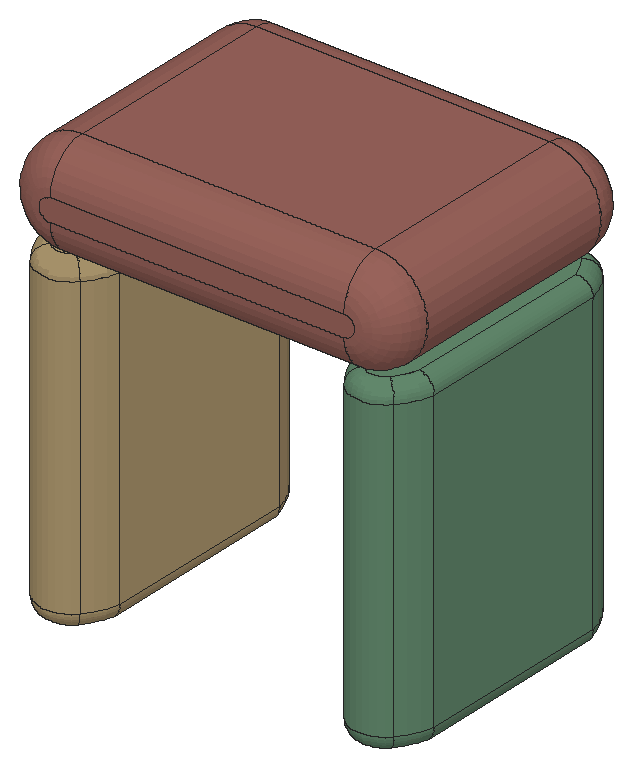
Revit family "Furniture_Chair_Pillow 1.1", category Furniture, Revit 2019
Family settings
  OmniClass Number = 23.21.23.15.17
  Work Plane-Based = Yes
  Always vertical = No
  Cut with Voids When Loaded = No
  Shared = No
  Room Calculation Point = No
Parameters (values of type "PILLOW 1.1")
  Youtube clip = ""
  Uniformat II Description = "Movable Furnishings"
  Uniformat II Code = ""
  Uniclass 2015 Name = ""
  Uniclass 2015 Code = ""
  Uniclass 2.0 Description = ""
  Uniclass 2.0 Code = ""
  Uniclass 1.4 Description = ""
  Uniclass 1.4 Code = ""
  UNSPSC Code = ""
  Pillow 3 = Fabric - Percentege AK016
  Pillow 2 = Fabric - Fraction AK003
  Pillow 1 = Fabric - Divide AK015
  Technical description = ""
  Region South America = "All"
  Region Oceania = "All"
  Region North America = "All"
  Region Middle East = "All"
  Region Europe = "All"
  Region Asia = "All"
  Region Antarctica = "All"
  Region Africa = "All"
  QR code = "https://www.sandlerseating.com/product/pillow-1-1/"
  Product url = "https://www.sandlerseating.com/product/pillow-1-1/"
  Product name = "PILLOW 1.1"
  Product group = "Chair"
  Product family = "Furniture"
  Product data url = "https://www.sandlerseating.com/product/pillow-1-1/"
  Product certification = ""
  Product SKU = "??"
  Product Guid = "??"
  OmniClass Description = ""
  OmniClass Code = "23-21 23 15 17"
  NBS Reference Description = ""
  NBS Reference Code = ""
  Model = "PILLOW 1.1"
  Masterformat 2014 Description = "Sofa Mats"
  Masterformat 2014 Code = "12 48 43.13"
  Manufacturer name = "Sandler"
  Manufacturer country = "USA"
  Manufacturer = "Sandler"
  Installation instructions = ""
  IFC Classification = "Furnishing Element"
  GTIN code = ""
  Edition number = 1
  Design country = "Brasil"
  Description = "Chair"
  Default Elevation = 0.000 mm
  Date of publishing = ""
  COBIe Type Category = ""
  Brand url = "https://www.sandlerseating.com/"
  BIMobject main category code = "furniture"
  BIMobject main category = "Furniture"
  BIMobject category code = "furniture-chair"
  BIMobject category = "Chair"
Reference planes
  plane 1 "Center Front/Back": y = 0
  plane 2: z = 0
  plane 3 "Center Left/Right": x = 0
  plane 4: x = -245
  plane 5: x = 245
  plane 6: y = -185
  plane 7: y = 185
Forms (mm)
  Extrusion 1, solid, material "Fabric - Fraction AK003" <- "Pillow 2"
    sketch origin (195.942, 306.158, 815) x (0.707107, 0.707107, 0) y (-0.707107, 0.707107, 0)
      loop
        arc (-94.231, -163.61) -> (-85.252, -144.26) -> (-80.649, -123.43) r 98.499
        arc (-80.649, -123.43) -> (-92.127, -90.795) -> (-124.762, -79.317) r 40
        arc (-124.762, -79.317) -> (-145.592, -83.92) -> (-164.942, -92.899) r 98.499
        line (-164.942, -92.899) -> (-340.074, -268.031)
        arc (-340.074, -268.031) -> (-349.054, -287.382) -> (-353.657, -308.211) r 98.499
        arc (-353.657, -308.211) -> (-342.178, -340.846) -> (-309.543, -352.325) r 40
        arc (-309.543, -352.325) -> (-288.714, -347.722) -> (-269.363, -338.742) r 98.499
        line (-269.363, -338.742) -> (-94.231, -163.61)
    from -815 to -405
  Sweep 2, void
    path in 3D
      loop
        arc (245, 123.837, 410) -> (237.667, 143.869, 410) -> (226.193, 161.853, 410) r 98.499
        arc (226.193, 161.853, 410) -> (195, 176.813, 410) -> (163.807, 161.853, 410) r 40
        arc (163.807, 161.853, 410) -> (152.333, 143.869, 410) -> (145, 123.837, 410) r 98.499
        line (145, 123.837, 410) -> (145, -123.837, 410)
        arc (145, -123.837, 410) -> (152.333, -143.869, 410) -> (163.807, -161.853, 410) r 98.499
        arc (163.807, -161.853, 410) -> (195, -176.813, 410) -> (226.193, -161.853, 410) r 40
        arc (226.193, -161.853, 410) -> (237.667, -143.869, 410) -> (245, -123.837, 410) r 98.499
        line (245, -123.837, 410) -> (245, 123.837, 410)
    profile origin (245, 0, 410) x (-1, 0, 0) y (0, 0, 1)
      loop
        line (0, 0) -> (0, -20)
        arc (0, -20) -> (5.858, -5.858) -> (20, 0) r 20
        line (20, 0) -> (0, 0)
  Sweep 3, void
    path in 3D
      loop
        arc (245, 123.837, 0) -> (237.667, 143.869, 0) -> (226.193, 161.853, 0) r 98.499
        arc (226.193, 161.853, 0) -> (195, 176.813, 0) -> (163.807, 161.853, 0) r 40
        arc (163.807, 161.853, 0) -> (152.333, 143.869, 0) -> (145, 123.837, 0) r 98.499
        line (145, 123.837, 0) -> (145, -123.837, 0)
        arc (145, -123.837, 0) -> (152.333, -143.869, 0) -> (163.807, -161.853, 0) r 98.499
        arc (163.807, -161.853, 0) -> (195, -176.813, 0) -> (226.193, -161.853, 0) r 40
        arc (226.193, -161.853, 0) -> (237.667, -143.869, 0) -> (245, -123.837, 0) r 98.499
        line (245, -123.837, 0) -> (245, 123.837, 0)
    profile origin (245, 0, 0) x (1, 0, 0) y (0, 0, -1)
      loop
        line (0, 0) -> (-20, 0)
        arc (-20, 0) -> (-5.858, -5.858) -> (0, -20) r 20
        line (0, -20) -> (0, 0)
  Extrusion 4, solid, material "Fabric - Percentege AK016" <- "Pillow 3"
    sketch origin (-195.942, 306.158, 815) x (-0.707107, 0.707107, 0) y (-0.707107, -0.707107, 0)
      loop
        line (-94.231, 163.61) -> (-269.363, 338.742)
        arc (-269.363, 338.742) -> (-288.714, 347.722) -> (-309.543, 352.325) r 98.499
        arc (-309.543, 352.325) -> (-342.178, 340.846) -> (-353.657, 308.211) r 40
        arc (-353.657, 308.211) -> (-349.054, 287.382) -> (-340.074, 268.031) r 98.499
        line (-340.074, 268.031) -> (-164.942, 92.899)
        arc (-164.942, 92.899) -> (-145.592, 83.92) -> (-124.762, 79.317) r 98.499
        arc (-124.762, 79.317) -> (-92.127, 90.795) -> (-80.649, 123.43) r 40
        arc (-80.649, 123.43) -> (-85.252, 144.26) -> (-94.231, 163.61) r 98.499
    from -815 to -405
  Sweep 5, void
    path in 3D
      loop
        arc (-245, 123.837, 0) -> (-237.667, 143.869, 0) -> (-226.193, 161.853, 0) r 98.499
        arc (-226.193, 161.853, 0) -> (-195, 176.813, 0) -> (-163.807, 161.853, 0) r 40
        arc (-163.807, 161.853, 0) -> (-152.333, 143.869, 0) -> (-145, 123.837, 0) r 98.499
        line (-145, 123.837, 0) -> (-145, -123.837, 0)
        arc (-145, -123.837, 0) -> (-152.333, -143.869, 0) -> (-163.807, -161.853, 0) r 98.499
        arc (-163.807, -161.853, 0) -> (-195, -176.813, 0) -> (-226.193, -161.853, 0) r 40
        arc (-226.193, -161.853, 0) -> (-237.667, -143.869, 0) -> (-245, -123.837, 0) r 98.499
        line (-245, -123.837, 0) -> (-245, 123.837, 0)
    profile origin (-245, 0, 0) x (1, 0, 0) y (0, 0, -1)
      loop
        line (0, 0) -> (0, -20)
        arc (0, -20) -> (5.858, -5.858) -> (20, 0) r 20
        line (20, 0) -> (0, 0)
  Sweep 6, void
    path in 3D
      loop
        arc (-245, 123.837, 410) -> (-237.667, 143.869, 410) -> (-226.193, 161.853, 410) r 98.499
        arc (-226.193, 161.853, 410) -> (-195, 176.813, 410) -> (-163.807, 161.853, 410) r 40
        arc (-163.807, 161.853, 410) -> (-152.333, 143.869, 410) -> (-145, 123.837, 410) r 98.499
        line (-145, 123.837, 410) -> (-145, -123.837, 410)
        arc (-145, -123.837, 410) -> (-152.333, -143.869, 410) -> (-163.807, -161.853, 410) r 98.499
        arc (-163.807, -161.853, 410) -> (-195, -176.813, 410) -> (-226.193, -161.853, 410) r 40
        arc (-226.193, -161.853, 410) -> (-237.667, -143.869, 410) -> (-245, -123.837, 410) r 98.499
        line (-245, -123.837, 410) -> (-245, 123.837, 410)
    profile origin (-245, 0, 410) x (-1, 0, 0) y (0, 0, 1)
      loop
        line (0, 0) -> (-20, 0)
        arc (-20, 0) -> (-5.858, -5.858) -> (0, -20) r 20
        line (0, -20) -> (0, 0)
Cuts and joins
  Sweep 2, Sweep 3 cuts Extrusion 1
  Sweep 5, Sweep 6 cuts Extrusion 4
Lines and regions (mm)
  sketch lines
    curve 1: line (245, -123.837, 410) -> (245, 123.837, 410)
    curve 2: arc (226.193, 161.853, 410) -> (237.667, 143.869, 410) -> (245, 123.837, 410) r 98.499
    curve 3: arc (163.807, 161.853, 410) -> (195, 176.813, 410) -> (226.193, 161.853, 410) r 40
    curve 4: arc (145, 123.837, 410) -> (152.333, 143.869, 410) -> (163.807, 161.853, 410) r 98.499
    curve 5: line (145, 123.837, 410) -> (145, -123.837, 410)
    curve 6: arc (163.807, -161.853, 410) -> (152.333, -143.869, 410) -> (145, -123.837, 410) r 98.499
    curve 7: arc (226.193, -161.853, 410) -> (195, -176.813, 410) -> (163.807, -161.853, 410) r 40
    curve 8: arc (245, -123.837, 410) -> (237.667, -143.869, 410) -> (226.193, -161.853, 410) r 98.499
    curve 9: line (245, -123.837, 0) -> (245, 123.837, 0)
    curve 10: arc (226.193, 161.853, 0) -> (237.667, 143.869, 0) -> (245, 123.837, 0) r 98.499
    curve 11: arc (163.807, 161.853, 0) -> (195, 176.813, 0) -> (226.193, 161.853, 0) r 40
    curve 12: arc (145, 123.837, 0) -> (152.333, 143.869, 0) -> (163.807, 161.853, 0) r 98.499
    curve 13: line (145, 123.837, 0) -> (145, -123.837, 0)
    curve 14: arc (163.807, -161.853, 0) -> (152.333, -143.869, 0) -> (145, -123.837, 0) r 98.499
    curve 15: arc (226.193, -161.853, 0) -> (195, -176.813, 0) -> (163.807, -161.853, 0) r 40
    curve 16: arc (245, -123.837, 0) -> (237.667, -143.869, 0) -> (226.193, -161.853, 0) r 98.499
    curve 17: line (-245, -123.837, 0) -> (-245, 123.837, 0)
    curve 18: arc (-226.193, 161.853, 0) -> (-237.667, 143.869, 0) -> (-245, 123.837, 0) r 98.499
    curve 19: arc (-163.807, 161.853, 0) -> (-195, 176.813, 0) -> (-226.193, 161.853, 0) r 40
    curve 20: arc (-145, 123.837, 0) -> (-152.333, 143.869, 0) -> (-163.807, 161.853, 0) r 98.499
    curve 21: line (-145, 123.837, 0) -> (-145, -123.837, 0)
    curve 22: arc (-163.807, -161.853, 0) -> (-152.333, -143.869, 0) -> (-145, -123.837, 0) r 98.499
    curve 23: arc (-226.193, -161.853, 0) -> (-195, -176.813, 0) -> (-163.807, -161.853, 0) r 40
    curve 24: arc (-245, -123.837, 0) -> (-237.667, -143.869, 0) -> (-226.193, -161.853, 0) r 98.499
    curve 25: line (-245, -123.837, 410) -> (-245, 123.837, 410)
    curve 26: arc (-226.193, 161.853, 410) -> (-237.667, 143.869, 410) -> (-245, 123.837, 410) r 98.499
    curve 27: arc (-163.807, 161.853, 410) -> (-195, 176.813, 410) -> (-226.193, 161.853, 410) r 40
    curve 28: arc (-145, 123.837, 410) -> (-152.333, 143.869, 410) -> (-163.807, 161.853, 410) r 98.499
    curve 29: line (-145, 123.837, 410) -> (-145, -123.837, 410)
    curve 30: arc (-163.807, -161.853, 410) -> (-152.333, -143.869, 410) -> (-145, -123.837, 410) r 98.499
    curve 31: arc (-226.193, -161.853, 410) -> (-195, -176.813, 410) -> (-163.807, -161.853, 410) r 40
    curve 32: arc (-245, -123.837, 410) -> (-237.667, -143.869, 410) -> (-226.193, -161.853, 410) r 98.499
Dimensions and locks
  aligned and locked: level to plane 2
Nested families
  nested 1: "Pillow" at (0, 0, 409.25) x (-1, 0, 0) z (0, 0, 1), Pillow Material <- "Pillow 1", type "Pillow"
    with Pillow Material Fabric - Divide AK015
Definition of nested family "Pillow"
  Parameters (values of type "Pillow")
    Pillow Material [instance] = none
  Reference planes
    plane 1 "Center (Front/Back)": y = 0
    plane 2: z = 0
    plane 3 "Center (Left/Right)": x = 0
    plane 4: y = 185
    plane 5: y = -185
    plane 6: x = 245
    plane 7: x = -245
  Forms (mm)
    Extrusion 1, solid, material <- "Pillow Material"
      sketch origin (220, 230, 0) x (1, 0, 0) y (0, 0, 1)
        loop
          line (-402.435, 0) -> (-37.349, 0)
          arc (-37.349, 0) -> (26.151, 63.5) -> (-37.349, 127) r 63.5
          line (-37.349, 127) -> (-402.435, 127)
          arc (-402.435, 127) -> (-465.935, 63.5) -> (-402.435, 0) r 63.5
      from 45 to 415
    Sweep 2, void
      path in 3D
        loop
          arc (-182.435, -185, 127) -> (-245.935, -185, 63.5) -> (-182.435, -185, 0) r 63.5
          line (-182.435, -185, 0) -> (182.651, -185, 0)
          arc (182.651, -185, 0) -> (246.151, -185, 63.5) -> (182.651, -185, 127) r 63.5
          line (182.651, -185, 127) -> (-182.435, -185, 127)
      profile origin (0.108, -185, 127) x (0, -1, 0) y (0, 0, 1)
        loop
          line (0, 0) -> (-50, 0)
          arc (-50, 0) -> (-14.645, -14.645) -> (0, -50) r 50
          line (0, -50) -> (0, 0)
    Sweep 3, void
      path in 3D
        loop
          arc (-182.435, 185, 127) -> (-245.935, 185, 63.5) -> (-182.435, 185, 0) r 63.5
          line (-182.435, 185, 0) -> (182.651, 185, 0)
          arc (182.651, 185, 0) -> (246.151, 185, 63.5) -> (182.651, 185, 127) r 63.5
          line (182.651, 185, 127) -> (-182.435, 185, 127)
      profile origin (0.108, 185, 127) x (0, -1, 0) y (0, 0, 1)
        loop
          line (0, 0) -> (0, -50)
          arc (0, -50) -> (14.645, -14.645) -> (50, 0) r 50
          line (50, 0) -> (0, 0)
  Cuts and joins
    Sweep 2, Sweep 3 cuts Extrusion 1
  Lines and regions (mm)
    sketch lines
      curve 1: line (182.651, -185, 127) -> (-182.435, -185, 127)
      curve 2: arc (182.651, -185, 127) -> (246.151, -185, 63.5) -> (182.651, -185, 0) r 63.5
      curve 3: line (-182.435, -185, 0) -> (182.651, -185, 0)
      curve 4: arc (-182.435, -185, 0) -> (-245.935, -185, 63.5) -> (-182.435, -185, 127) r 63.5
      curve 5: line (182.651, 185, 127) -> (-182.435, 185, 127)
      curve 6: arc (182.651, 185, 127) -> (246.151, 185, 63.5) -> (182.651, 185, 0) r 63.5
      curve 7: line (-182.435, 185, 0) -> (182.651, 185, 0)
      curve 8: arc (-182.435, 185, 0) -> (-245.935, 185, 63.5) -> (-182.435, 185, 127) r 63.5
  Dimensions and locks
    aligned and locked: level to plane 2
